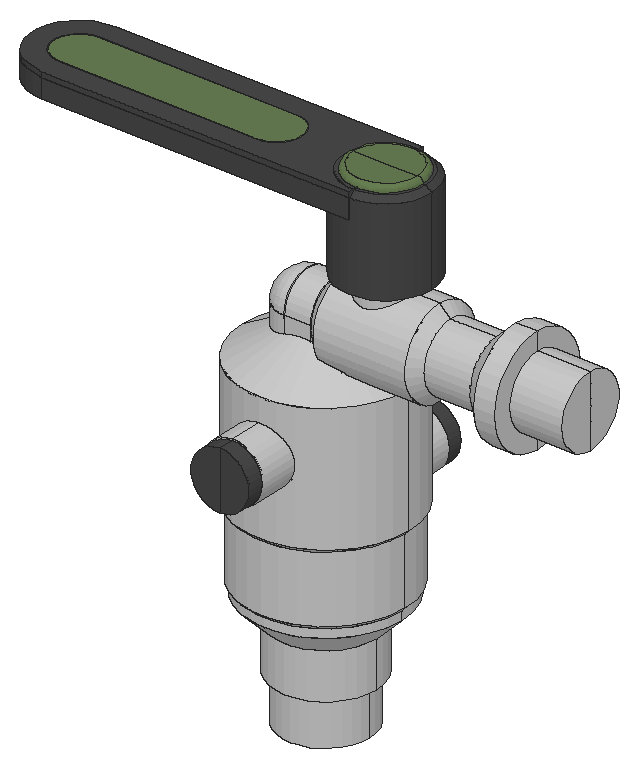
Revit family "Entnahmearmatur mit Systemtrenner 0300", category Rohrzubehör, Revit 2019
Family settings
  Bemaßung runder Anschluss = Durchmesser verwenden
  Teiletyp = Unterbricht
  OmniClass-Nummer = 23.65.55.14
  OmniClass-Titel = Valves for Liquid Services
  Arbeitsebenenbasiert = Nein
  Immer vertikal = Ja
  Beim Laden mit Abzugskörper schneiden = Nein
  Gemeinsam genutzt = Nein
Parameters (values of type "DN20 auf DN25")
  Max. zulässige Betriebstemperatur (kurzzeitig) = 80 °C  # constant formula
  Max. Betriebstemperatur = 65 °C  # constant formula
  W02 = 60.00°  # constant formula
  W01 = 45.00°  # constant formula
  URL = "www.herz-armaturen.at"
  Systemtrenner-Kartusche = "hochwertiger, kalkabweisender Kunststoff"  # constant formula
  STL02 = 37.500 mm  # constant formula
  STL01 = 33.000 mm  # constant formula
  STD02 = 8.200 mm  # constant formula
  STD01 = 8.500 mm  # constant formula
  SCTWSEQ = "AW;SBT_TYP_AW=\"104\";2"
  SCTWCODE = "04;12;02"  # constant formula
  S05 = R03 - 2.000 mm  # 10.400 mm
  S04 = 33.000 mm  # constant formula
  S03 = 25.000 mm  # constant formula
  S02 = 45.000 mm  # constant formula
  S01 = 13.000 mm  # constant formula
  R09 = 13.000 mm  # constant formula
  R05 = 8.000 mm  # constant formula
  R04 = 8.500 mm  # constant formula
  R03 = 12.400 mm  # constant formula
  R02 = 9.500 mm  # constant formula
  R01 = 15.000 mm  # constant formula
  NennweiteEin [instance] = if([15_20], 15.000 mm, if([20_20], 20.000 mm, if([20_25], 20.000 mm, 0.000 mm)))  # 20.000 mm
  NennweiteAus [instance] = if([15_20], 20.000 mm, if([20_20], 20.000 mm, if([20_25], 25.000 mm, 0.000 mm)))  # 25.000 mm
  Nenndruck = 1000000.0 Pa  # constant formula
  Medium = "Wasser (ohne Dampf)"  # constant formula
  LO01 = 34.500 mm  # constant formula
  L11 = 77.500 mm  # constant formula
  L10 = 57.500 mm  # constant formula
  L09 = 58.000 mm  # constant formula
  L08 = 2.500 mm  # constant formula
  L07 = 26.000 mm  # constant formula
  L06 = 6.000 mm  # constant formula
  L05 = 15.000 mm  # constant formula
  L04 = 5.000 mm  # constant formula
  L03 = 100.000 mm  # constant formula
  L02 = 58.000 mm  # constant formula
  L01 = 75.000 mm  # constant formula
  Hinweis = "Gemäß Art 33 der REACH-Verordnung (EG Nr. 1907/2006) sind wir verpflichtet, darauf hinzuweisen, dass der Stoff Blei auf der SVHC-Liste geführt wird und dass alle aus Messing bestehenden Bauteile, die in unseren Erzeugnissen verarbeitet sind, mehr als 0,1 % (w/w) Blei (CAS: 7439-92-1 / EINECS: 231-100-4) enthalten.\r\nDa Blei als Legierungsbestandteil fest gebunden ist, sind keine Expositionen zu erwarten und daher sind keine zusätzlichen Angaben zur sicheren Verwendung notwendig."
  Hersteller = "HERZ Armaturen Ges.m.b.H."  # constant formula
  H08 = 15.000 mm  # constant formula
  H07 = 36.000 mm  # constant formula
  H06 = 19.000 mm  # constant formula
  H05 = 2.500 mm  # constant formula
  H04 = 13.000 mm  # constant formula
  H03 = 13.000 mm  # constant formula
  H02 = 105.000 mm  # constant formula
  H01 = 146.000 mm - H02  # 41.000 mm
  Gehäuse = "Pressmessing (CW617N), verchromt"  # constant formula
  Einbaulage = "senkrecht"  # constant formula
  Dichtungen = "EPDM"  # constant formula
  Bestellnummer = if([15_20], "I030001", if([20_20], "I030002", if([20_25], "I030012", "0")))  # "I030012"
  20_25 = yes
  20_20 = no
  15_20 = no
  D05 = 14.500 mm  # constant formula
  D04 = 21.500 mm  # constant formula
  D03 = 22.500 mm  # constant formula
  D02 = 7.000 mm  # constant formula
  D01 = 23.500 mm  # constant formula
  Ausführung = "Der in dieser Entnahmearmatur integrierte Systemtrenner BA wurde nach der Norm DIN EN 1717 entwickelt.\r\nLaut dieser Norm ist die Wasserqualität je nach Grad der Verschmutzung in 5 Klassen eingeteilt.\r\nDer Systemtrenner Typ BA erlaubt Absicherung gegen Nichttrinkwasser bis zur Gefahrenklasse 4, der höchsten Gefahrenklasse, die mit einer Armatur abgesichert werden kann.\r\nDer Einbau eines Schmutzfängers vor dem Systemtrenner hilft, um eine dauerhafte und einwandfreie Funktion zu gewährleisten.\r\nDiese Armatur kann nur senkrecht montiert werden."
  Anwendung = "Diese Entnahmearmatur mit integriertem Systemtrenner (BA) ist zum Einbau über einem Entwässerungsgegenstand oder zum Einbau im Freien (z.B.: als Gartenventil) konzipiert.\r\nDie Armatur besteht aus einem eingangsseitigen Kugelhahn und einem nachgeschalteten Systemtrenner Typ BA nach DIN EN 1717."
  AGein [instance] = NennweiteEin / 2  # 10.000 mm
  AGaus [instance] = NennweiteAus / 2  # 12.500 mm
Types (4, lengths in mm): name | NennweiteEin | NennweiteAus | Bestellnummer | 20_25 | 20_20 | 15_20 | AGein | AGaus
  (no name) | 20.000 | 25.000 | "I030012" | yes | no | no | 10.000 | 12.500
  DN15 auf DN20 | 15.000 | 20.000 | "I030001" | no | no | yes | 7.500 | 10.000
  DN20 auf DN20 | 20.000 | 20.000 | "I030002" | no | yes | no | 10.000 | 10.000
  DN20 auf DN25 | 20.000 | 25.000 | "I030012" | yes | no | no | 10.000 | 12.500
Reference planes
  plane 1 "Mitte (Vorne/hinten)": y = 0
  plane 2: z = 0
  plane 3 "Mitte (Links/rechts)": x = 0
Forms (mm)
  Revolve 1, solid, material "Messing, vernickelt", detail levels fine
    sketch origin (0, 0, -213.5) x (1, 0, 0) y (0, 0, 1)
      loop
        line (0, 108.5) -> (0, 213.5) -> (-7, 213.5) -> (-7, 210.526) -> (-23.5, 201) -> (-23.5, 165) -> (-22.5, 164) -> (-22.5, 145) -> (-21.5, 144) -> (-21.5, 141.5) -> (-14.5, 134.5) -> (-14.5, 121.5) -> (-12.5, 121.5) -> (-12.5, 108.5) -> (0, 108.5)
      axis (0, 213.5) -> (0, 108.5)
    angle from 0 to 360
  Revolve 2, solid, material "Messing, vernickelt", detail levels fine
    sketch origin (0, 0, 0) x (1, 0, 0) y (0, 0, 1)
      loop
        line (2.5, 0) -> (75, 0) -> (75, 10) -> (60, 10) -> (60, 15) -> (54, 15) -> (48.5, 9.5) -> (35.3, 9.5) -> (32.4, 12.4) -> (6.4, 12.4) -> (2.5, 8.5) -> (2.5, 0)
      axis (2.5, 0) -> (75, 0)
    angle from 0 to 360
  Extrusion 3, solid, material "Messing, vernickelt", detail levels fine
    sketch origin (0, 0, 0) x (0, 1, 0) y (0, 0, 1)
      loop
        arc (8.5, 0) -> (0, 8.5) -> (-8.5, 0) r 8.5
        line (-8.5, 0) -> (-8.5, -12.5) -> (8.5, -12.5) -> (8.5, 0)
    from 2.5 to -5
  Extrusion 4, solid, material "Messing, vernickelt", detail levels fine
    sketch origin (0, 0, 0) x (1, 0, 0) y (0, 1, 0)
      loop
        circle (-5, 0) r 8.5
    from -20 to 0
  Revolve 5, solid, material "Messing, vernickelt", detail levels fine
    sketch origin (0, 0, 0) x (1, 0, 0) y (0, 1, 0)
      loop
        arc (-5, 8.5) -> (-11.01, 6.01) -> (-13.5, 0) r 8.5
        line (-13.5, 0) -> (-5, 0) -> (-5, 8.5)
      axis (-5, 0) -> (-13.5, 0)
    angle from 0 to 360
  Revolve 6, solid, material "Messing, vernickelt", detail levels fine
    sketch origin (0, 0, 0) x (1, 0, 0) y (0, 0, 1)
      loop
        line (17, 0) -> (25, 0) -> (25, 15) -> (17, 15) -> (17, 0)
      axis (17, 15) -> (17, 0)
    angle from 0 to 360
  Revolve 7, solid, material "Kunststoff SCHWARZ", detail levels fine
    sketch origin (0, 0, 0) x (1, 0, 0) y (0, 0, 1)
      loop
        line (17, 15) -> (30, 15) -> (30, 39.5) -> (28.5, 41) -> (17, 41) -> (17, 15)
      axis (17, 15) -> (17, 41)
    angle from 0 to 360
  Revolve 8, solid, material "Kunststoff GRÜN", detail levels fine
    sketch origin (0, 0, 0) x (1, 0, 0) y (0, 0, 1)
      loop
        line (17, 42.5) -> (17, 41) -> (27.5, 41)
        arc (27.5, 41) -> (27.061, 42.061) -> (26, 42.5) r 1.5
        line (26, 42.5) -> (17, 42.5)
      axis (17, 42.5) -> (17, 41)
    angle from 0 to 360
  Extrusion 9, solid, material "Kunststoff SCHWARZ", detail levels fine
    sketch origin (0, 0, 0) x (1, 0, 0) y (0, 1, 0)
      loop
        line (17, 13) -> (-70, 13)
        arc (-70, 13) -> (-83, 0) -> (-70, -13) r 13
        line (-70, -13) -> (17, -13) -> (17, 13)
    from 34 to 39.5
  Extrusion 10, solid, material "Kunststoff SCHWARZ", detail levels fine
    sketch origin (0, 0, 0) x (1, 0, 0) y (0, 1, 0)
      loop
        line (17, 13) -> (-70, 13)
        arc (-70, 13) -> (-83, 0) -> (-70, -13) r 13
        line (-70, -13) -> (17, -13) -> (17, 13)
      loop
        arc (-70, 7) -> (-77, 0) -> (-70, -7) r 7
        line (-70, -7) -> (-14, -7)
        arc (-14, -7) -> (-7, 0) -> (-14, 7) r 7
        line (-14, 7) -> (-70, 7)
    from 39.5 to 41
  Extrusion 11, solid, material "Kunststoff GRÜN", detail levels fine
    sketch origin (0, 0, 0) x (1, 0, 0) y (0, 1, 0)
      loop
        arc (-70, 7) -> (-77, 0) -> (-70, -7) r 7
        line (-70, -7) -> (-14, -7)
        arc (-14, -7) -> (-7, 0) -> (-14, 7) r 7
        line (-14, 7) -> (-70, 7)
    from 39.5 to 41
  Revolve 12, solid, material "Messing, vernickelt", detail levels fine
    sketch origin (0, 0, 0) x (0, 1, 0) y (0, 0, 1)
      loop
        line (0, -39) -> (0, -47.5) -> (33, -47.5) -> (33, -39) -> (0, -39)
      axis (33, -47.5) -> (0, -47.5)
    angle from 0 to 360
  Revolve 13, solid, material "Messing, vernickelt", detail levels fine
    sketch origin (0, 0, 0) x (0, -1, 0) y (0, 0, 1)
      loop
        line (0, -19) -> (0, -27.5) -> (33, -27.5) -> (33, -19) -> (0, -19)
      axis (33, -27.5) -> (0, -27.5)
    angle from 0 to 360
  Revolve 14, solid, material "Kunststoff SCHWARZ", detail levels fine
    sketch origin (0, 0, 0) x (0, 1, 0) y (0, 0, 1)
      loop
        line (-33, -27.5) -> (-33, -19.3) -> (-37.5, -19.3) -> (-37.5, -27.5) -> (-33, -27.5)
      axis (-33, -27.5) -> (-37.5, -27.5)
    angle from 0 to 360
  Revolve 15, solid, material "Kunststoff SCHWARZ", detail levels fine
    sketch origin (0, 0, 0) x (0, -1, 0) y (0, 0, 1)
      loop
        line (-33, -47.5) -> (-33, -39.3) -> (-37.5, -39.3) -> (-37.5, -47.5) -> (-33, -47.5)
      axis (-33, -47.5) -> (-37.5, -47.5)
    angle from 0 to 360
Lines and regions (mm)
  model lines, detail levels coarse+medium
    curve 1: line (35.5, 0, 12.4) -> (35.5, 0, -12.4)
    curve 2: line (35.5, 0, -12.4) -> (2.5, 0, 12.4)
    curve 3: line (2.5, 0, 12.4) -> (2.5, 0, -12.4)
    curve 4: line (2.5, 0, -12.4) -> (35.5, 0, 12.4)
    curve 5: circle (10.02, 0, 0) r 10.4 normal (0, -1, 0)
    curve 6: line (35.5, 0, 0) -> (75, 0, 0)
    curve 7: line (60, 0, 15) -> (60, 0, -15)
    curve 8: line (-23.5, 0, -12.4) -> (23.5, 0, -12.4)
    curve 9: line (-23.5, 0, -105) -> (-23.5, 0, -12.4)
    curve 10: line (23.5, 0, -105) -> (-23.5, 0, -105)
    curve 11: line (23.5, 0, -12.4) -> (23.5, 0, -105)
    curve 12: line (2.5, 0, 0) -> (0, 0, 0)
    curve 13: line (0, 0, 0) -> (0, 0, -12.4)
    curve 14: line (-10.5, 0, -105) -> (-10.5, 0, -80)
    curve 15: line (-10.5, 0, -57.4) -> (-10.5, 0, -12.4)
    curve 16: line (10.5, 0, -105) -> (10.5, 0, -80)
    curve 17: line (10.5, 0, -57.4) -> (10.5, 0, -12.4)
    curve 18: line (0, -23.5, -105) -> (0, 23.5, -105)
    curve 19: line (0, -23.5, -12.4) -> (0, -23.5, -105)
    curve 20: line (0, 23.5, -12.4) -> (0, -23.5, -12.4)
    curve 21: line (0, 23.5, -105) -> (0, 23.5, -12.4)
    curve 26: arc (0, -12.4, 0) -> (0, 0, 12.4) -> (0, 12.4, 0) r 12.4
  model lines
    curve 22: line (0, -10.5, -105) -> (0, -10.5, -80)
    curve 23: line (0, -10.5, -57.4) -> (0, -10.5, -12.4)
    curve 24: line (0, 10.5, -105) -> (0, 10.5, -80)
    curve 25: line (0, 10.5, -57.4) -> (0, 10.5, -12.4)
Dimensions and locks
  "H03": Revolve 1 sketch curve to Revolve 1 sketch curve
  "H04": Revolve 1 sketch curve to Revolve 1 sketch curve
  "H05": Revolve 1 sketch curve to Revolve 1 sketch curve
  "H06": Revolve 1 sketch curve to Revolve 1 sketch curve
  "H07": Revolve 1 sketch curve to Revolve 1 sketch curve
  "AGaus": Revolve 1 sketch curve to plane 3 "Mitte (Links/rechts)"
  "D01": Revolve 1 sketch curve to Revolve 1 sketch curve
  "D02": Revolve 1 sketch curve to Revolve 1 sketch curve
  "D05": Revolve 1 sketch curve to Revolve 1 sketch curve
  "D04": Revolve 1 sketch curve to Revolve 1 sketch curve
  "D03": Revolve 1 sketch curve to Revolve 1 sketch curve
  "H02": Revolve 1 sketch curve to Revolve 1 sketch curve
  "L01": Revolve 2 sketch curve to plane 3 "Mitte (Links/rechts)"
  "L05": Revolve 2 sketch curve to Revolve 2 sketch curve
  "L06": Revolve 2 sketch curve to Revolve 2 sketch curve
  "L07": Revolve 2 sketch curve to Revolve 2 sketch curve
  "AGein": Revolve 2 sketch curve to Revolve 2 sketch curve
  "R01": Revolve 2 sketch curve to Revolve 2 sketch curve
  "R02": Revolve 2 sketch curve to Revolve 2 sketch curve
  "R03": Revolve 2 sketch curve to Revolve 2 sketch curve
  "L08": Revolve 2 sketch curve to plane 3 "Mitte (Links/rechts)"
  "R04": Revolve 2 sketch curve to Revolve 2 sketch curve
  "H08": Revolve 6 sketch curve to plane 2
  "R05": Revolve 6 sketch curve to Revolve 6 sketch curve
  "L09": Revolve 6 sketch curve to Revolve 2
  "H08": Revolve 7 sketch curve to plane 2
  "R09": Revolve 7 sketch curve to Revolve 7 sketch curve
  "L02": Revolve 2 to Revolve 7 sketch curve
  "H01": Revolve 7 sketch curve to plane 2
  Revolve 7 sketch curve to Revolve 7 sketch curve = 11.500 mm
  "L02": Revolve 2 to Revolve 8 sketch curve
  Revolve 8 sketch curve to Revolve 7 = 1.500 mm
  "H01": Revolve 8 sketch curve to plane 2
  "L02": Extrusion 9 sketch curve to Revolve 2
  "R09": Extrusion 9 sketch curve to plane 1 "Mitte (Vorne/hinten)" to Extrusion 9 sketch curve
  "L03": Extrusion 9 sketch curve to Extrusion 9 sketch curve
  "L03": Extrusion 10 sketch curve to Extrusion 9
  "L02": Extrusion 10 sketch curve to Revolve 2
  "STL01": Revolve 12 sketch curve to plane 1 "Mitte (Vorne/hinten)"
  "STD01": Revolve 12 sketch curve to Revolve 12 sketch curve
  "L10": Revolve 1 to Revolve 12 sketch curve
  "STD01": Revolve 13 sketch curve to Revolve 13 sketch curve
  "STL01": plane 1 "Mitte (Vorne/hinten)" to Revolve 13 sketch curve
  "L11": Revolve 13 sketch curve to Revolve 1
  "STL01": plane 1 "Mitte (Vorne/hinten)" to Revolve 14 sketch curve
  "STL02": Revolve 13 to Revolve 14 sketch curve
  "STD02": Revolve 14 sketch curve to Revolve 14 sketch curve
  "L11": Revolve 1 to Revolve 14 sketch curve
  "D01": nested 1 to plane 3 "Mitte (Links/rechts)"
  "LO01": level to nested 1
  "STD02": Revolve 15 sketch curve to Revolve 15 sketch curve
  "L10": Revolve 15 sketch curve to Revolve 1
  "STL01": Revolve 15 sketch curve to plane 1 "Mitte (Vorne/hinten)"
  "STL02": Revolve 15 sketch curve to plane 1 "Mitte (Vorne/hinten)"
  "R03": curve 4 to plane 2 to curve 2
  "R03": curve 3 to plane 2 to curve 4
  "L08": plane 3 "Mitte (Links/rechts)" to curve 3
  "S04": curve 3 to curve 1
  "L01": curve 6 to plane 3 "Mitte (Links/rechts)"
  "R01": curve 7 to plane 2 to curve 7
  curve 7 to curve 6 = 15.000 mm
  "D01": curve 11 to plane 3 "Mitte (Links/rechts)" to curve 9
  "H02": plane 2 to curve 10
  "R03": plane 2 to curve 8
  "S01": curve 14 to curve 9
  "S01": curve 11 to curve 16
  "S01": curve 11 to curve 17
  "S01": curve 15 to curve 9
  "S02": curve 8 to curve 17
  "S02": curve 8 to curve 15
  "S03": curve 14 to curve 10
  "S03": curve 16 to curve 10
  "H02": plane 2 to curve 18
  "R03": plane 2 to curve 20
  "D01": curve 19 to plane 1 "Mitte (Vorne/hinten)" to curve 21
  "S01": curve 19 to curve 22
  "S01": curve 24 to curve 21
  "S01": curve 25 to curve 21
  "S01": curve 19 to curve 23
  "S03": curve 18 to curve 22
  "S03": curve 18 to curve 24
  "S02": curve 20 to curve 25
  "S02": curve 20 to curve 23
  "S05": radius of curve 5
  "R03": radius of curve 26
  "W01": angle Revolve 1 sketch curve to Revolve 1 sketch curve  (x3)
  "W02": angle Revolve 1 sketch curve to Revolve 1 sketch curve
  "W01": angle Revolve 2 sketch curve to Revolve 2 sketch curve  (x3)
  "W01": angle Revolve 7 sketch curve to Revolve 7 sketch curve
  aligned and locked: level to plane 2
Automatic sketch dimensions
  Extrusion 3 sketch curve to level = 0.000 mm  (x2)
  Extrusion 3 sketch curve to plane 1 "Mitte (Vorne/hinten)" = 0.000 mm
  plane 1 "Mitte (Vorne/hinten)" to Extrusion 3 sketch curve = 8.500 mm
  Extrusion 3 sketch curve to level = 12.500 mm
  plane 1 "Mitte (Vorne/hinten)" to Extrusion 4 sketch curve = 0.000 mm
  Extrusion 4 sketch curve to plane 3 "Mitte (Links/rechts)" = 5.000 mm
  Revolve 5 sketch curve to plane 1 "Mitte (Vorne/hinten)" = 0.000 mm
  plane 1 "Mitte (Vorne/hinten)" to Revolve 5 sketch curve = 0.000 mm
  Revolve 5 sketch curve to plane 3 "Mitte (Links/rechts)" = 13.500 mm
  Revolve 5 sketch curve to plane 3 "Mitte (Links/rechts)" = 5.000 mm
  Revolve 5 sketch curve to Revolve 5 sketch curve = 1986.500 mm
  plane 3 "Mitte (Links/rechts)" to Revolve 5 sketch curve = 2000.000 mm
  plane 1 "Mitte (Vorne/hinten)" to Extrusion 11 sketch curve = 0.000 mm
  Extrusion 11 sketch curve to plane 3 "Mitte (Links/rechts)" = 70.000 mm
  Extrusion 11 sketch curve to plane 1 "Mitte (Vorne/hinten)" = 7.000 mm
  Extrusion 11 sketch curve to plane 3 "Mitte (Links/rechts)" = 14.000 mm
  curve 26 to level = 0.000 mm
  curve 26 to plane 1 "Mitte (Vorne/hinten)" = 0.000 mm
  curve 12 to level = 0.000 mm
  curve 12 to plane 3 "Mitte (Links/rechts)" = 0.000 mm
  curve 5 to level = 0.000 mm
  curve 6 to level = 0.000 mm
  plane 3 "Mitte (Links/rechts)" to curve 3 = 2.500 mm
  curve 12 to curve 5 = 7.520 mm
  Revolve 1 sketch curve to level = 0.000 mm
  Revolve 1 sketch curve to plane 3 "Mitte (Links/rechts)" = 0.000 mm  (x2)
  Revolve 1 sketch curve to Revolve 1 sketch curve = 261.045 mm
  level to Revolve 1 sketch curve = 2214.315 mm
  Revolve 2 sketch curve to level = 0.000 mm  (x2)
  Revolve 2 sketch curve to plane 3 "Mitte (Links/rechts)" = 1506.530 mm
  Revolve 2 sketch curve to Revolve 2 sketch curve = 1764.148 mm
  Revolve 6 sketch curve to level = 0.000 mm  (x2)
  Revolve 6 sketch curve to Revolve 6 sketch curve = 0.000 mm  (x2)
  Revolve 7 sketch curve to Revolve 7 sketch curve = 0.000 mm  (x3)
  Revolve 8 sketch curve to Revolve 8 sketch curve = 9.000 mm
  Revolve 8 sketch curve to Revolve 8 sketch curve = 0.000 mm  (x3)
  Extrusion 9 sketch curve to Extrusion 9 sketch curve = 0.000 mm
  Extrusion 10 sketch curve to Extrusion 10 sketch curve = 0.000 mm  (x2)
  plane 1 "Mitte (Vorne/hinten)" to Extrusion 10 sketch curve = 0.000 mm
  Extrusion 10 sketch curve to plane 1 "Mitte (Vorne/hinten)" = 7.000 mm
  Extrusion 10 sketch curve to plane 3 "Mitte (Links/rechts)" = 14.000 mm
  Extrusion 10 sketch curve to Extrusion 10 sketch curve = 56.000 mm
  Revolve 12 sketch curve to plane 1 "Mitte (Vorne/hinten)" = 0.000 mm  (x2)
  Revolve 12 sketch curve to Revolve 12 sketch curve = 0.000 mm  (x2)
  Revolve 13 sketch curve to plane 1 "Mitte (Vorne/hinten)" = 0.000 mm  (x2)
  Revolve 13 sketch curve to Revolve 13 sketch curve = 0.000 mm  (x2)
  Revolve 14 sketch curve to Revolve 14 sketch curve = 0.000 mm  (x3)
  Revolve 15 sketch curve to Revolve 15 sketch curve = 0.000 mm  (x3)
  radius of Extrusion 4 sketch curve = 8.500 mm
Nested families
  nested 1: "Herz-Logo-vorne" at (-23.5, 0, -39), type "Herz-Logo-vorne", detail levels fine
Connectors
  piping at (0, 0, -105), diameter 25, driven by "NennweiteAus"
    settings: on Revolve 1, index 1, connector inside diameter 609.6 mm, connector length 0.000 mm, flow factor 0, pipe flow 0.0 L/s, pressure drop 0.0 Pa, fitting loss kfactor 0, connector angle 0.00°, fixture units 0, engagement length 0.000 mm, angle of deflection 0.00°, flow configuration 0, flow direction 2, fitting loss method 0, system type 29, joint type 0, gender type 0, connector reference index -1, connector utility 0, adjustable connector no, is connector primary yes, connector description ""
  piping at (75, 0, 0), diameter 20, driven by "NennweiteEin"
    settings: on Revolve 2, index 2, connector inside diameter 609.6 mm, connector length 0.000 mm, flow factor 0, pipe flow 0.0 L/s, pressure drop 0.0 Pa, fitting loss kfactor 0, connector angle 0.00°, fixture units 0, engagement length 0.000 mm, angle of deflection 0.00°, flow configuration 0, flow direction 1, fitting loss method 0, system type 29, joint type 0, gender type 0, connector reference index -1, connector utility 0, adjustable connector no, is connector primary no, connector description ""
Definition of nested family "Herz-Logo-vorne"
  Reference planes
    plane 1 "Mitte (Vorne/hinten)": y = 0
    plane 2: z = 0
    plane 3 "Mitte (Links/rechts)": x = 0
  Forms (mm)
    Extrusion 1, solid
      sketch origin (0.732, -0.018, 0.017) x (0, -1, 0) y (0, 0, 1)
        loop
          line (-0.018, -4.517) -> (4.482, -4.517) -> (4.482, 4.483) -> (-4.518, 4.483) -> (-4.518, -4.517) -> (-0.018, -4.517)
        loop
          line (-0.05, -3.48) -> (3.482, -3.48) -> (3.482, 3.483) -> (-3.518, 3.483) -> (-3.518, -3.48) -> (-0.05, -3.48)
        loop
          arc (-0.018, 2.383) -> (-1.543, 3.287) -> (-3.067, 2.383) r 1.738
          arc (-3.067, 2.383) -> (-3.191, 1.899) -> (-3.067, 1.415) r 1.009
          line (-3.067, 1.415) -> (-0.018, -3.281) -> (3.032, 1.415)
          arc (3.032, 1.415) -> (3.156, 1.899) -> (3.032, 2.383) r 1.009
          arc (3.032, 2.383) -> (1.507, 3.287) -> (-0.018, 2.383) r 1.738
        loop
          arc (1.885, 1.272) -> (2.005, 1.675) -> (1.885, 2.079) r 0.74
          arc (1.885, 2.079) -> (1.265, 2.416) -> (0.644, 2.079) r 0.74
          line (0.644, 2.079) -> (-0.018, 0.97) -> (-0.679, 2.079)
          arc (-0.679, 2.079) -> (-1.3, 2.416) -> (-1.921, 2.079) r 0.74
          arc (-1.921, 2.079) -> (-2.04, 1.675) -> (-1.921, 1.272) r 0.74
          line (-1.921, 1.272) -> (-0.018, -1.658) -> (1.885, 1.272)
      from 0 to 1.5
  Dimensions and locks
    aligned and locked: level to plane 2
